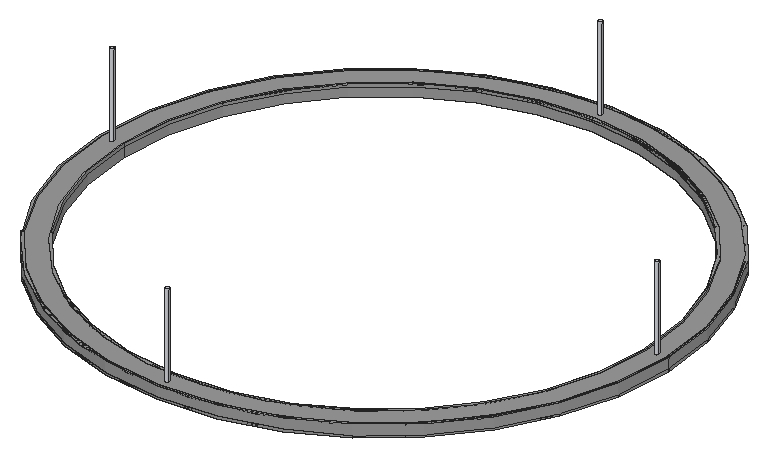
Revit family "MONALISA_1500MM_41_4000K", category Lighting Fixtures, host Ceiling, Revit 2021
Family settings
  Host = Ceiling
  Round Connector Dimension = Use Diameter
  Part Type = Normal
  OmniClass Number = 23.80.70.11
  OmniClass Title = Luminaries for Internal Lighting
  Always vertical = Yes
  Cut with Voids When Loaded = No
  Light Source = Yes
  Shared = No
  Room Calculation Point = No
Parameters (values of type "Type 1")
  Wattage = 57.6268 W
  built-in parameter 1150110 = 1 (stored number, unit not read)
  Type de lampe = "LED Samsung 2835 SMD"
  Type = "Suspension"
  built-in parameter 1114217 = 1 (stored number, unit not read)
  Tilt Angle = 90.00°
  built-in parameter 1150109 = 1 (stored number, unit not read)
  built-in parameter 1150134 = 12
  built-in parameter 1150113 = 1 (stored number, unit not read)
  SDCM = "<3"
  Puissance nominale = "107W"
  Photometric Web File = "google_eulumdat_converter (3).ies"
  Lumens = 8560 lm
  built-in parameter 1150115 = 1 (stored number, unit not read)
  built-in parameter 1150105 = 681.18 (stored number, unit not read)
  built-in parameter 1150137 = (empty or 0)
  built-in parameter 1150139 = (empty or 0)
  built-in parameter 1150112 = 1 (stored number, unit not read)
  built-in parameter 1150114 = 1 (stored number, unit not read)
  built-in parameter 1150132 = 2
  built-in parameter 1150102 = (empty or 0)
  built-in parameter 1150138 = (empty or 0)
  built-in parameter 1150107 = 4000 (stored number, unit not read)
  built-in parameter 1150106 = 6.8118 (stored number, unit not read)
  IRC = ">80"
  Fintion = "Gris aluminium  - Diffuseur acrylique"
  Emit from Circle Diameter = 609.6 mm
  Emit Shape Visible in Rendering = no
  built-in parameter 1150104 = 13.8 (stored number, unit not read)
  Durée de vie = "50 000 heures"
  Driver = "Driver Osram"
  Dimming Lamp Color Temperature Shift = <None>
  Dimensions = "ø 1500 mm, H : 32 mm"
  Default Elevation = 0 mm
  Color Filter = 16777215
  built-in parameter 1114218 = 1 (stored number, unit not read)
  built-in parameter 1150133 = 10 (stored number, unit not read)
  Angle d'éclairage = "120°"
  Alimentation luminaire = "800mA x 4pcs / 30V"
  Alimentation Driver = "AC 220-240V"
Reference planes
  plane 1 "Light Source Axis (F/B)": y = 0
  plane 2: z = 0
  plane 3 "Light Source Axis (L/R)": x = 0
  plane 4 "Ceiling": z = 4000
  plane 5 "Light Source Elevation": z = 3762.902
Forms (mm)
  Extrusion 1, solid, material "Aluminum, Anodized grey"
    sketch origin (0, 0, 4000) x (0, 1, 0) y (-1, 0, 0)
      loop
        circle (0, 0) r 750
      loop
        circle (0, 0) r 687.5
      loop
        circle (0, 0) r 692.069
      loop
        circle (0, 0) r 744.516
    from -250 to -218
  Extrusion 2, solid, material "Aluminum, Anodized grey"
    sketch origin (0, 0, 4000) x (0, 1, 0) y (-1, 0, 0)
      loop
        circle (0, 0) r 744.516
      loop
        circle (0, 0) r 687.009
    from -225.222 to -218
  Extrusion 3, solid, material "Glass, White, High Luminance"
    sketch origin (0, 0, 3982.456) x (0, 1, 0) y (-1, 0, 0)
      loop
        circle (0, 0) r 750
      loop
        circle (0, 0) r 692.069
    from -232.456 to -227.456
  Extrusion 4, solid
    sketch origin (-0.407, 191.787, 4000) x (0, 1, 0) y (-1, 0, 0)
      loop
        circle (521.528, 1.237) r 5
    from -218 to 0
  Extrusion 5, solid
    sketch origin (-287.425, -286.139, 4000) x (0, 1, 0) y (-1, 0, 0)
      loop
        circle (284.822, 429.258) r 5
    from -218 to 0
  Extrusion 6, solid
    sketch origin (2.471, -910.269, 4000) x (0, 1, 0) y (-1, 0, 0)
      loop
        circle (190.968, -0.121) r 5
    from -218 to 0
  Extrusion 7, solid
    sketch origin (390.268, -287.705, 4000) x (0, 1, 0) y (-1, 0, 0)
      loop
        circle (287.683, -328.319) r 5
    from -218 to 0
Lines and regions (mm)
  reference lines
    curve 1: line (0, 0, 4000) -> (300, 0, 4000)
    curve 2: line (300, 0, 4000) -> (275, 0, 4000)
    curve 3: line (0, 0, 3750) -> (0, 0, 3782)
    curve 4: line (0, 0, 4000) -> (400, 0, 4000)
    curve 5: line (0, 0, 4000) -> (500, 0, 4000)
    curve 6: line (0, 0, 4000) -> (600, 0, 4000)
    curve 7: line (0, 0, 4000) -> (750, 0, 4000)
Dimensions and locks
  equal spacing: host sketch curve, plane 3 "Light Source Axis (L/R)", host sketch curve
  equal spacing: host sketch curve, plane 1 "Light Source Axis (F/B)", host sketch curve
  host sketch curve to host sketch curve = 4000 mm  (x2)
  plane 4 "Ceiling" to host ceiling = 0 mm
  aligned and locked: plane 1 "Light Source Axis (F/B)" to imposter light
  aligned and locked: plane 5 "Light Source Elevation" to imposter light
